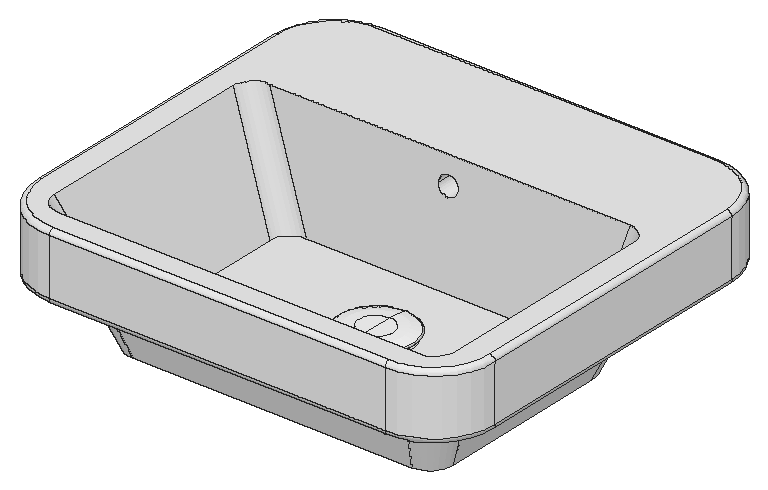
Revit family "Reece_Basin_Roca_The Gap_Semi Inset Basin_450 mm", category Plumbing Fixtures, host Face, Revit 2018
Family settings
  Host = Face
  Round Connector Dimension = Use Diameter
  Part Type = Normal
  Cut with Voids When Loaded = No
  Shared = Yes
  Room Calculation Point = Yes
Parameters
  WFU = 0  # constant formula
  URL = "https://www.reece.com.au/product/-9506764"
  Type Comments = "Basin"
  Reece_Product_Web Page = "https://www.reece.com.au/product/-9506764"
  Reece_Product_Type = "Basin"  # constant formula
  Reece_Product_Sub Brand = "The Gap"  # constant formula
  Reece_Product_Number = "9506764"
  Reece_Product_Mount = "Semi Inset"
  Reece_Product_Description = "Roca The Gap Semi Inset Basin 450mm x 410mm 1 Taphole White"  # constant formula
  Reece_Product_Brand = "Roca"  # constant formula
  Reece_Overall_Width = 450 mm  # constant formula
  Reece_Overall_Length = 410 mm  # constant formula
  Reece_Overall_Height = 165 mm  # constant formula
  Reece_Overall_Capacity = 4.90 L  # constant formula
  Reece_Material_Secondary = Reece_Brass_Chrome
  Reece_Material-Main = Reece_Vitreous China_White
  Reece_Detail_Installation = "Semi Inset Basin"  # constant formula
  Reece_Detail_Disclaimer = "THIS FILE IS THE PROPERTY OF THE REECE GROUP. IT MAY NOT BE REPRODUCED, REVERSE-ENGINEERED OR MODIFIED. ANY REPUBLICATION, TRANSMISSION OR DISTRIBUTION FOR THE PURPOSE OF COMMERCIALLY EXPLOITING THE FILES IS PROHIBITED."  # constant formula
  Reece_Detail_Connector = "1 Taphole"  # constant formula
  Reece_Detail_Additional = "Overflow"  # constant formula
  Reece_Bath_Outlet = 50 mm  # constant formula
  Model = "The Gap"
  Manufacturer = "Roca"
  Keynote = "Product #9506764, Reece_Basin_Roca_The Gap_Semi Inset Basin_450 mm -  "
  HWFU = 0  # constant formula
  Disclaimer = "THIS FILE IS THE PROPERTY OF THE REECE GROUP. IT MAY NOT BE REPRODUCED, REVERSE-ENGINEERED OR MODIFIED. ANY REPUBLICATION, TRANSMISSION OR DISTRIBUTION FOR THE PURPOSE OF COMMERCIALLY EXPLOITING THE FILES IS PROHIBITED."  # constant formula
  Description = "Roca The Gap Semi Inset Basin 450mm x 410mm 1 Taphole White"
  Default Elevation = 1000 mm
  CWFU = 0  # constant formula
Types (2, lengths in mm): name | Keynote
  (no name) | "Product #9506764, Reece_Basin_Roca_The Gap_Semi Inset Basin_450 mm -  "
  1 Taphole_Vitreous China | "Product #9506764, Reece_Basin_Roca_The Gap_Semi Inset Basin_450 mm - 1 Taphole_Vitreous China"
Reference planes
  plane 1 "Center (Front/Back)": y = -79.125
  plane 2 "Bottom": z = 0
  plane 3 "Center (Left/Right)": x = 0
  plane 4 "Top": z = 65
  plane 5: y = 125.875
  plane 6: x = 225
  plane 7: x = -225
  plane 8: y = -284.125
  plane 9: z = -100
  plane 10: x = -197
  plane 11: x = 197
  plane 12 "Taphole 1": y = 65.875
  plane 13 "Basin Taphole": y = -89.125
  plane 14 "Basin": y = 0.875
  plane 15: y = -258.125
  plane 16: z = -55
  plane 17: z = -80
Forms (mm)
  Sweep 1, solid, material "Reece_Vitreous China_White" <- "Reece_Material-Main"
    path origin (0, 0, 0) x (1, 0, 0) y (0, 1, 0)
      loop
        line (-225, 65.875) -> (-225, -224.125)
        arc (-225, -224.125) -> (-207.426, -266.551) -> (-165, -284.125) r 60
        line (-165, -284.125) -> (165, -284.125)
        arc (165, -284.125) -> (207.426, -266.551) -> (225, -224.125) r 60
        line (225, -224.125) -> (225, 65.875)
        arc (225, 65.875) -> (207.426, 108.302) -> (165, 125.875) r 60
        line (165, 125.875) -> (-165, 125.875)
        arc (-165, 125.875) -> (-207.426, 108.302) -> (-225, 65.875) r 60
    profile origin (-225, -79.125, 0) x (1, 0, 0) y (0, 0, 1)
      loop
        line (5, 0) -> (14.05, 0) -> (14.05, 50) -> (28, 50) -> (28, 65) -> (14.05, 65) -> (5, 65)
        arc (5, 65) -> (1.464, 63.536) -> (0, 60) r 5
        line (0, 60) -> (0, 5)
        arc (0, 5) -> (1.464, 1.464) -> (5, 0) r 5
  Extrusion 2, solid, material "Reece_Vitreous China_White" <- "Reece_Material-Main"
    sketch origin (0, -79.044, 29.703) x (1, 0, 0) y (0, 1, 0)
      loop
        arc (-165, 190.869) -> (-197.491, 177.41) -> (-210.95, 144.919) r 45.95
        line (-210.95, 144.919) -> (-210.95, -145.081)
        arc (-210.95, -145.081) -> (-197.491, -177.572) -> (-165, -191.031) r 45.95
        line (-165, -191.031) -> (165, -191.031)
        arc (165, -191.031) -> (197.491, -177.572) -> (210.95, -145.081) r 45.95
        line (210.95, -145.081) -> (210.95, 144.919)
        arc (210.95, 144.919) -> (197.491, 177.41) -> (165, 190.869) r 45.95
        line (165, 190.869) -> (-165, 190.869)
    from 20.297 to 35.297
  SweptBlend 3, void
    path origin (0, -79.125, 0) x (1, 0, 0) y (0, 0, 1)
      loop
        line (0, -55) -> (0, 65)
    profile origin (0, -79.125, -55) x (-1, 0, 0) y (0, -1, 0)
      loop
        line (157, -55.05) -> (157, 115.05)
        arc (157, 115.05) -> (151.157, 129.157) -> (137.05, 135) r 19.95
        line (137.05, 135) -> (-137.05, 135)
        arc (-137.05, 135) -> (-151.157, 129.157) -> (-157, 115.05) r 19.95
        line (-157, 115.05) -> (-157, -55.05)
        arc (-157, -55.05) -> (-151.157, -69.157) -> (-137.05, -75) r 19.95
        line (-137.05, -75) -> (137.05, -75)
        arc (137.05, -75) -> (151.157, -69.157) -> (157, -55.05) r 19.95
    end profile origin (0, -79.125, 65) x (-1, 0, 0) y (0, -1, 0)
      loop
        line (177.05, 179) -> (-177.05, 179)
        arc (-177.05, 179) -> (-191.157, 173.157) -> (-197, 159.05) r 19.95
        line (-197, 159.05) -> (-197, -60.05)
        arc (-197, -60.05) -> (-191.157, -74.157) -> (-177.05, -80) r 19.95
        line (-177.05, -80) -> (177.05, -80)
        arc (177.05, -80) -> (191.157, -74.157) -> (197, -60.05) r 19.95
        line (197, -60.05) -> (197, 159.05)
        arc (197, 159.05) -> (191.157, 173.157) -> (177.05, 179) r 19.95
  Extrusion 4, void
    sketch origin (0, 0, 0) x (1, 0, 0) y (0, 1, 0)
      loop
        arc (-165, 26.875) -> (-197.491, 13.417) -> (-210.95, -19.074) r 45.95
        line (-210.95, -19.074) -> (-210.95, -224.125)
        arc (-210.95, -224.125) -> (-197.491, -256.616) -> (-165, -270.074) r 45.95
        line (-165, -270.074) -> (165, -270.074)
        arc (165, -270.074) -> (197.491, -256.616) -> (210.95, -224.125) r 45.95
        line (210.95, -224.125) -> (210.95, -19.074)
        arc (210.95, -19.074) -> (197.491, 13.417) -> (165, 26.875) r 45.95
        line (165, 26.875) -> (-165, 26.875)
    from -66.747 to 0
  Revolve 5, solid, material "Reece_Brass_Chrome" <- "Reece_Material_Secondary"
    sketch origin (0, 7.803, -53.837) x (0, 1, 0) y (0, 0, 1)
      loop
        line (-132.187, 1.607) -> (-96.928, 1.607) -> (-96.928, 7.189) -> (-113.596, 7.189)
        arc (-113.596, 7.189) -> (-123.355, 6.496) -> (-132.918, 4.433) r 69.106
        arc (-132.918, 4.433) -> (-133.607, 3.721) -> (-133.345, 2.766) r 1
        line (-133.345, 2.766) -> (-132.187, 1.607)
      axis (-96.928, 7.189) -> (-96.928, 1.607)
    angle from 0 to 360
  Revolve 6, void
    sketch origin (0, 357.799, -4.962) x (0, 1, 0) y (0, 0, 1)
      loop
        arc (-481.924, -50.038) -> (-474.762, -54.072) -> (-471.924, -61.785) r 11.9
        line (-471.924, -61.785) -> (-471.924, -113.385) -> (-446.924, -113.385) -> (-446.924, -50.038) -> (-481.924, -50.038)
      axis (-446.924, -50.038) -> (-446.924, -113.385)
    angle from 0 to 360
  Extrusion 7, void
    sketch origin (0, -79.125, 0) x (1, 0, 0) y (0, 0, 1)
      loop
        circle (0.078, 45.097) r 10
    from -100.516 to -63.958
  Revolve 8, solid, material "Reece_Vitreous China_White" <- "Reece_Material-Main"
    sketch origin (0, 0, 0) x (0, 1, 0) y (0, 0, 1)
      loop
        line (-64.125, -66.747) -> (-64.125, -100) -> (-61.125, -100) -> (-61.125, -66.747) -> (-64.125, -66.747)
      axis (-89.125, -66.747) -> (-89.125, -100)
    angle from 0 to 360
  SweptBlend 9, solid, material "Reece_Vitreous China_White" <- "Reece_Material-Main"
    path origin (0, -79.125, 0) x (1, 0, 0) y (0, 0, 1)
      loop
        line (0, -66.747) -> (0, 65)
    profile origin (0, -79.125, -66.747) x (-1, 0, 0) y (0, -1, 0)
      loop
        line (160, -55.05) -> (160, 115.05)
        arc (160, 115.05) -> (153.278, 131.278) -> (137.05, 138) r 22.95
        line (137.05, 138) -> (-137.05, 138)
        arc (-137.05, 138) -> (-153.278, 131.278) -> (-160, 115.05) r 22.95
        line (-160, 115.05) -> (-160, -55.05)
        arc (-160, -55.05) -> (-153.278, -71.278) -> (-137.05, -78) r 22.95
        line (-137.05, -78) -> (137.05, -78)
        arc (137.05, -78) -> (153.278, -71.278) -> (160, -55.05) r 22.95
    end profile origin (0, -79.125, 65) x (-1, 0, 0) y (0, -1, 0)
      loop
        line (210.95, -105.28) -> (210.95, 145)
        arc (210.95, 145) -> (197.491, 177.491) -> (165, 190.95) r 45.95
        line (165, 190.95) -> (-165, 190.95)
        arc (-165, 190.95) -> (-197.491, 177.491) -> (-210.95, 145) r 45.95
        line (-210.95, 145) -> (-210.95, -105.28) -> (210.95, -105.28)
  Extrusion 10, void
    sketch origin (0, -79.125, 0) x (1, 0, 0) y (0, 0, 1)
      loop
        circle (0, 37.48) r 10
    from -123.588 to -32.17
  Extrusion 11, void
    sketch origin (0, 0, 65) x (-1, 0, 0) y (0, -1, 0)
      loop
        circle (0, 89.125) r 28
    from -207.52 to -80.762
Cuts and joins
  SweptBlend 3, Revolve 6, Extrusion 7, Extrusion 10 cuts Sweep 1
  SweptBlend 3, Revolve 6, Extrusion 7, Extrusion 10 cuts Extrusion 2
  SweptBlend 3, Revolve 6, Extrusion 10 cuts SweptBlend 9
  joined: Sweep 1, Extrusion 2, Revolve 8, SweptBlend 9
Lines and regions (mm)
  model lines
    curve 1: circle (0, 65.875, 65) r 17.5 normal (0, 0, 1)
Text (mm)
  text "Reece Copyright © 2018, Reece Ltd." at (-902.343, -740.328, 0), in view "Ref. Level"
  text "Reece ©" at (44.384, 258.95, 192.345), in view "Reece Preview"
Dimensions and locks
  equal spacing: plane 7, plane 3 "Center (Left/Right)", plane 6
  "Reece_Overall_Width": plane 7 to plane 6
  "Reece_Overall_Length": plane 5 to plane 8
  equal spacing: plane 5, plane 1 "Center (Front/Back)", plane 8
  "Reece_Overall_Height": plane 4 "Top" to plane 9
  plane 10 to SweptBlend 3 sketch curve = 40 mm
  SweptBlend 3 sketch curve to plane 11 = 40 mm
  plane 5 to plane 14 "Basin" = 125 mm
  Revolve 6 sketch curve to Revolve 6 sketch curve = 25 mm
  aligned and locked: host face to plane 2 "Bottom"
  aligned and locked: host face to level
  aligned and locked: plane 4 "Top" to Extrusion 2
  aligned and locked: level to Extrusion 4
  aligned and locked: plane 3 "Center (Left/Right)" to curve 1
  aligned and locked: plane 12 "Taphole 1" to curve 1
  aligned and locked: plane 3 "Center (Left/Right)" to Revolve 6
Automatic sketch dimensions
  host sketch curve to host sketch curve = 801.051 mm
  host sketch curve to host sketch curve = 660.299 mm
  Sweep 1 sketch curve to plane 7 = 0 mm
  Sweep 1 sketch curve to plane 5 = 0 mm
  Sweep 1 sketch curve to plane 12 "Taphole 1" = 0 mm
  Sweep 1 sketch curve to plane 11 = 32 mm
  Sweep 1 sketch curve to plane 6 = 0 mm
  plane 15 to Sweep 1 sketch curve = 34 mm
  plane 8 to Sweep 1 sketch curve = 0 mm
  plane 10 to Sweep 1 sketch curve = 32 mm
  Extrusion 2 sketch curve to plane 12 "Taphole 1" = 0 mm  (x2)
  Extrusion 2 sketch curve to plane 5 = 14.05 mm
  plane 10 to Extrusion 2 sketch curve = 32 mm  (x2)
  Extrusion 2 sketch curve to plane 11 = 32 mm  (x2)
  plane 15 to Extrusion 2 sketch curve = 34 mm
  SweptBlend 3 sketch curve to plane 3 "Center (Left/Right)" = 0 mm
  SweptBlend 3 sketch curve to plane 16 = 0 mm
  SweptBlend 3 sketch curve to plane 4 "Top" = 0 mm
  SweptBlend 3 sketch curve to SweptBlend 3 sketch curve = 19.95 mm  (x6)
  SweptBlend 3 sketch curve to profile plane = 177.05 mm  (x2)
  plane 1 "Center (Front/Back)" to SweptBlend 3 sketch curve = 159.05 mm
  profile plane to SweptBlend 3 sketch curve = 177.05 mm  (x2)
  SweptBlend 3 sketch curve to plane 1 "Center (Front/Back)" = 60.05 mm
  SweptBlend 3 sketch curve to plane 1 "Center (Front/Back)" = 75 mm
  plane 1 "Center (Front/Back)" to SweptBlend 3 sketch curve = 115.05 mm
  Extrusion 4 sketch curve to plane 10 = 13.95 mm
  plane 10 to Extrusion 4 sketch curve = 32 mm  (x2)
  Extrusion 4 sketch curve to plane 11 = 32 mm  (x2)
  plane 11 to Extrusion 4 sketch curve = 13.95 mm
  Extrusion 4 sketch curve to plane 15 = 11.95 mm
  Extrusion 4 sketch curve to plane 14 "Basin" = 19.95 mm
  plane 3 "Center (Left/Right)" to Extrusion 7 sketch curve = 0.078 mm
  Extrusion 7 sketch curve to plane 4 "Top" = 19.903 mm
  Revolve 8 sketch curve to plane 13 "Basin Taphole" = 0 mm
  Revolve 8 sketch curve to plane 9 = 0 mm  (x2)
  Revolve 8 sketch curve to plane 1 "Center (Front/Back)" = 15 mm
  Revolve 8 sketch curve to Revolve 8 sketch curve = 3 mm
  Revolve 8 sketch curve to plane 16 = 11.747 mm  (x2)
  SweptBlend 9 sketch curve to plane 1 "Center (Front/Back)" = 105.28 mm
  SweptBlend 9 sketch curve to profile plane = 210.95 mm
  profile plane to SweptBlend 9 sketch curve = 210.95 mm
  plane 1 "Center (Front/Back)" to SweptBlend 9 sketch curve = 145 mm
  SweptBlend 9 sketch curve to SweptBlend 9 sketch curve = 45.95 mm  (x2)
  profile plane to SweptBlend 9 sketch curve = 160 mm
  SweptBlend 9 sketch curve to SweptBlend 9 sketch curve = 22.95 mm  (x3)
  plane 1 "Center (Front/Back)" to SweptBlend 9 sketch curve = 115.05 mm
  SweptBlend 9 sketch curve to profile plane = 137.05 mm  (x2)
  SweptBlend 9 sketch curve to plane 1 "Center (Front/Back)" = 55.05 mm
  SweptBlend 9 sketch curve to plane 3 "Center (Left/Right)" = 0 mm
  SweptBlend 9 sketch curve to plane 4 "Top" = 0 mm
  SweptBlend 9 sketch curve to plane 16 = 11.747 mm
  Extrusion 10 sketch curve to plane 3 "Center (Left/Right)" = 0 mm
  Extrusion 10 sketch curve to plane 4 "Top" = 27.52 mm
  profile plane to Sweep 1 sketch curve = 0 mm
  Sweep 1 sketch curve to level = 0 mm
  Sweep 1 sketch curve to profile plane = 5 mm
  level to Sweep 1 sketch curve = 5 mm
  Sweep 1 sketch curve to Sweep 1 sketch curve = 13.95 mm
  Sweep 1 sketch curve to Sweep 1 sketch curve = 55 mm
  Sweep 1 sketch curve to Sweep 1 sketch curve = 9.05 mm  (x2)
  Sweep 1 sketch curve to Sweep 1 sketch curve = 15 mm
  Revolve 6 sketch curve to plane 16 = 0 mm
  Revolve 6 sketch curve to plane 13 "Basin Taphole" = 0 mm  (x2)
  Revolve 6 sketch curve to Revolve 6 sketch curve = 11.9 mm
  Revolve 6 sketch curve to plane 16 = 11.747 mm
  Revolve 6 sketch curve to plane 9 = 18.347 mm
  Revolve 6 sketch curve to plane 9 = 8.75 mm
  plane 16 to Revolve 6 sketch curve = 11.25 mm
  Revolve 5 sketch curve to plane 13 "Basin Taphole" = 0 mm  (x2)
  plane 16 to Revolve 5 sketch curve = 8.352 mm
  Revolve 5 sketch curve to plane 13 "Basin Taphole" = 16.667 mm
  plane 16 to Revolve 5 sketch curve = 2.77 mm
  Revolve 5 sketch curve to Revolve 5 sketch curve = 18.591 mm
  Revolve 5 sketch curve to Revolve 5 sketch curve = 0.452 mm
  plane 16 to Revolve 5 sketch curve = 3.928 mm
  Revolve 5 sketch curve to Revolve 5 sketch curve = 0.707 mm  (x2)
  Revolve 5 sketch curve to plane 9 = 15.755 mm
  Revolve 5 sketch curve to Revolve 5 sketch curve = 7.643 mm
  Revolve 5 sketch curve to Revolve 5 sketch curve = 18.251 mm
  Extrusion 11 sketch curve to plane 3 "Center (Left/Right)" = 0 mm
  Extrusion 11 sketch curve to plane 13 "Basin Taphole" = 0 mm
  radius of curve 1 = 17.5 mm
  radius of Extrusion 7 sketch curve = 10 mm
  radius of Extrusion 10 sketch curve = 10 mm
  radius of Extrusion 11 sketch curve = 28 mm
Connectors
  piping at (0, -89.125, -66.747), diameter 50, driven by "Reece_Bath_Outlet"
    settings: on cut or joined group of Sweep 1, Extrusion 2, SweptBlend 3, Revolve 6, Extrusion 7, Revolve 8, SweptBlend 9, Extrusion 10, index 1, connector inside diameter 609.6 mm, connector length 0 mm, flow factor 0, pipe flow 0.0 L/s, pressure drop 0.0 Pa, fitting loss kfactor 0, connector angle 0.00°, fixture units 0, engagement length 0 mm, angle of deflection 0.00°, flow configuration 0, flow direction 2, fitting loss method 0, system type 16, joint type 0, gender type 0, connector reference index -1, connector utility 0, adjustable connector no, is connector primary yes, connector description ""
